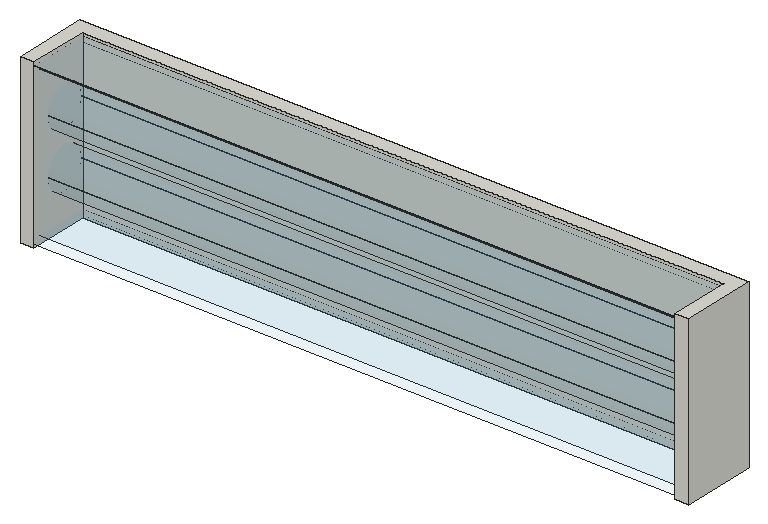
Revit family "Облучатель бактерицидный", category Оборудование, Revit 2017
Family settings
  Размер круглого соединителя = Использовать радиус
  Тип детали = Вставляется
  На основе рабочей плоскости = Нет
  Всегда вертикально = Да
  При загрузке вырезать с полостями = Нет
  Общий = Нет
  Точка расчета площади = Нет
Parameters (values of type "ОБН-35")
  Толщина = 10.0 mm
  Общ_Ширина = 482.0 mm
  Общ_Тип, марка = "ОБН-35 \"Азов\""
  Общ_Примечание = ""
  Общ_Поставщик = "Элид"
  Общ_Позиция = "108"
  Общ_Напряжение = 220 V
  Общ_Наименование = "Облучатель бактерицидный настенный, производительность 95%, 48м3/час"
  Общ_Мощность номинальная = 50 W
  Общ_Масса = ""
  Общ_Код продукции = ""
  Общ_Задание = "ЭМ"
  Общ_Единицы измерения = "шт."
  Общ_Глубина = 54.0 mm
  Общ_Высота = 120.0 mm
  Keynote = ""
Types (2, lengths in mm): name | Общ_Ширина | Общ_Тип, марка | Общ_Позиция | Общ_Наименование | Общ_Высота
  ОБН-75 | 942.0 | "ОБН-75 \"Азов\"" | "109" | "Облучатель бактерицидный настенный, производительность 95%, 115м3/час" | 162.0
  ОБН-35 | 482.0 | "ОБН-35 \"Азов\"" | "108" | "Облучатель бактерицидный настенный, производительность 95%, 48м3/час" | 120.0
Reference planes
  plane 1 "По центру (Вперед/Назад)": y = 0
  plane 2: z = 0
  plane 3 "По центру (Влево/Вправо)": x = 0
  plane 4: y = 27
  plane 5: x = -241
  plane 6: x = 241
  plane 7: y = -27
  plane 8: x = -231
  plane 9: y = 17
  plane 10: x = 231
  plane 11: y = -23
  plane 12: z = 120
Forms (mm)
  Extrusion 1, solid, material "Крашеная сталь", detail levels fine
    sketch origin (0, 0, 0) x (1, 0, 0) y (0, 1, 0)
      loop
        line (-231, -27) -> (-231, 17) -> (231, 17) -> (231, -27) -> (241, -27) -> (241, 27) -> (-241, 27) -> (-241, -27) -> (-231, -27)
    from 0 to 120
  Extrusion 2, solid, material "Стекло", detail levels fine
    sketch origin (-231, 69.074, 1200) x (0, 1, 0) y (0, 0, 1)
      loop
        circle (-69.074, -1120) r 15
      loop
        circle (-69.074, -1160) r 15
    from 0 to 462
  Extrusion 3, solid, material "Стекло", detail levels fine
    sketch origin (-231, 69.074, 1200) x (0, 1, 0) y (0, 0, 1)
      loop
        line (-52.074, -1082) -> (-96.074, -1082) -> (-96.074, -1198.048) -> (-52.074, -1198.048) -> (-52.074, -1194.032) -> (-92.074, -1194.032) -> (-92.074, -1086.033) -> (-52.074, -1086.033) -> (-52.074, -1082)
    from 0 to 462
  Extrusion 4, solid, material "Крашеная сталь", detail levels fine
    sketch origin (-241, -27, 0) x (0, 1, 0) y (0, 0, -1)
      loop
        circle (29.745, -53.25) r 5
    from 0 to 5
Lines and regions (mm)
  symbolic lines, detail levels coarse+medium
    curve 1: line (241, -27, 0) -> (-241, -27, 0)
    curve 2: line (241, 27, 0) -> (241, -27, 0)
    curve 3: line (-241, 27, 0) -> (241, 27, 0)
    curve 4: line (-241, -27, 0) -> (-241, 27, 0)
    curve 6: line (-5, -27, 0) -> (0, -13.263, 0)
    curve 7: line (5, -27, 0) -> (0, -13.263, 0)
  model lines, detail levels coarse+medium
    curve 5: line (0, 0, 0) -> (0, 0, -1000)
Dimensions and locks
  equal spacing: plane 5, plane 3 "По центру (Влево/Вправо)", plane 6
  equal spacing: plane 4, plane 1 "По центру (Вперед/Назад)", plane 7
  "Общ_Глубина": plane 4 to plane 7
  "Общ_Ширина": plane 5 to plane 6
  "Толщина": plane 5 to plane 8
  "Толщина": plane 4 to plane 9
  "Толщина": plane 10 to plane 6
  locked: plane 11 to plane 7 at 4
  "Общ_Высота": plane 12 to plane 2
  equal spacing: plane 12, Extrusion 2 sketch curve, Extrusion 2 sketch curve, level
  Extrusion 1 to Extrusion 3 sketch curve to Extrusion 3 sketch curve = 2.0 mm locked, 4.033 mm locked
  Extrusion 3 sketch curve to Extrusion 3 sketch curve to level = 4.016 mm locked, 1.952 mm locked
  aligned and locked: level to plane 2
  aligned and locked: plane 4 to Extrusion 1 sketch curve
  aligned and locked: Extrusion 1 sketch curve to plane 9
  aligned and locked: plane 8 to Extrusion 1 sketch curve
  aligned and locked: plane 7 to Extrusion 1 sketch curve
  aligned and locked: plane 5 to Extrusion 1 sketch curve
  aligned and locked: Extrusion 1 sketch curve to plane 10
  aligned and locked: plane 6 to Extrusion 1 sketch curve
  aligned and locked: Extrusion 1 sketch curve to plane 7
  aligned and locked: plane 12 to Extrusion 1
  aligned and locked: plane 10 to Extrusion 2
  aligned and locked: plane 9 to Extrusion 3 sketch curve  (x2)
  aligned and locked: Extrusion 3 sketch curve to plane 7
  aligned and locked: plane 11 to Extrusion 3 sketch curve
  aligned and locked: Extrusion 3 to plane 8
  aligned and locked: plane 10 to Extrusion 3
  aligned and locked: curve 1 to Extrusion 1
  aligned and locked: curve 2 to Extrusion 1
  aligned and locked: curve 3 to Extrusion 1
  aligned and locked: curve 4 to Extrusion 1
Automatic sketch dimensions
  Extrusion 2 sketch curve to plane 1 "По центру (Вперед/Назад)" = 0.0 mm  (x2)
  plane 3 "По центру (Влево/Вправо)" to curve 5 = 0.0 mm
  curve 5 to level = 0.0 mm
  curve 5 to level = 1000.0 mm
  curve 6 to plane 3 "По центру (Влево/Вправо)" = 0.0 mm
  plane 11 to curve 6 = 9.737 mm
  curve 6 to plane 3 "По центру (Влево/Вправо)" = 5.0 mm
  plane 3 "По центру (Влево/Вправо)" to curve 7 = 5.0 mm
  Extrusion 1 to Extrusion 4 sketch curve = 24.255 mm
  Extrusion 1 to Extrusion 4 sketch curve = 53.25 mm
  radius of Extrusion 2 sketch curve = 15.0 mm  (x2)
  radius of Extrusion 4 sketch curve = 5.0 mm
Connectors
  electrical at (-246, 2.745, 53.25), driven by "Общ_Напряжение"
    settings: on Extrusion 4, index 1, voltage 220 V, apparent load 60 VA, apparent load phase1 0 VA, apparent load phase2 0 VA, apparent load phase3 0 VA, power factor 1, load classification "Прочее", number of poles 1, system type 30, power factor state 1, is connector primary yes, connector utility no, sub classification motor no, connector description ""
